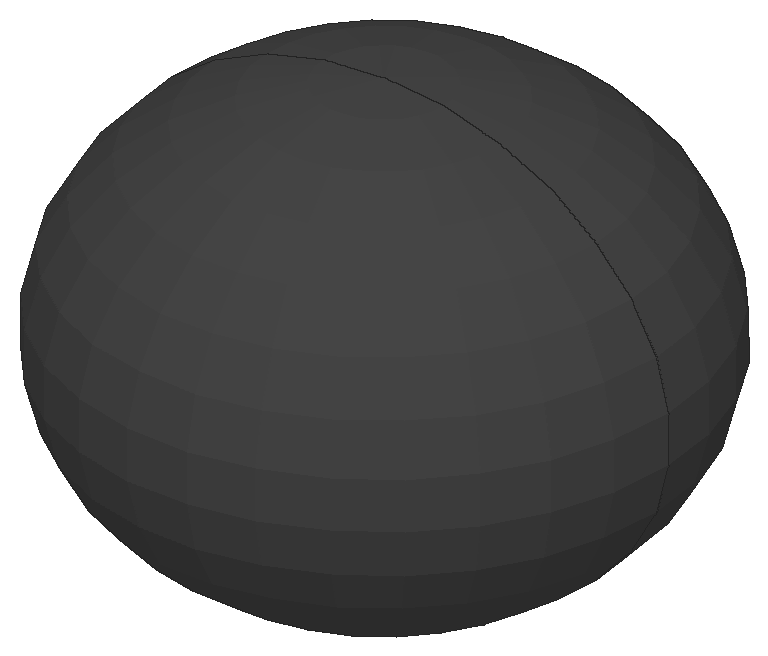
Revit family "Finca Buganvilla", category Vegetación, Revit 2027
Family settings
  Se basa en plano de trabajo = No
  Siempre vertical = Sí
  Corte con vacíos al cargar = No
  Origen de apariencia de renderización = Geometría de familia
  Compartido = No
Parameters
  Elevación por defecto = 0 mm
  Altura = 0 mm
Reference planes
  plane 1 "Centro (Frontal/Posterior)": y = 0
  plane 2: z = 0
  plane 3 "Centro (Izquierda/Derecha)": x = 0
Forms (mm)
  Revolve 1, solid, material "Finca - Buganvilla"
    sketch origin (0, 0, 0) x (0, 0, 1) y (1, 0, 0)
      loop
        line (-10, 0) -> (12, 0)
        spline (12, 0) -> (11.625, 3.623) -> (10.526, 7) -> (8.778, 9.899) -> (6.5, 12.124) -> (3.847, 13.523) -> (1, 14) -> (-1.847, 13.523) -> (-4.5, 12.124) -> (-6.778, 9.899) -> (-8.526, 7) -> (-9.625, 3.623) -> (-10, 0)
      axis (-10, 0) -> (12, 0)
    angle from 0 to 360
Dimensions and locks
  aligned and locked: level to plane 2
